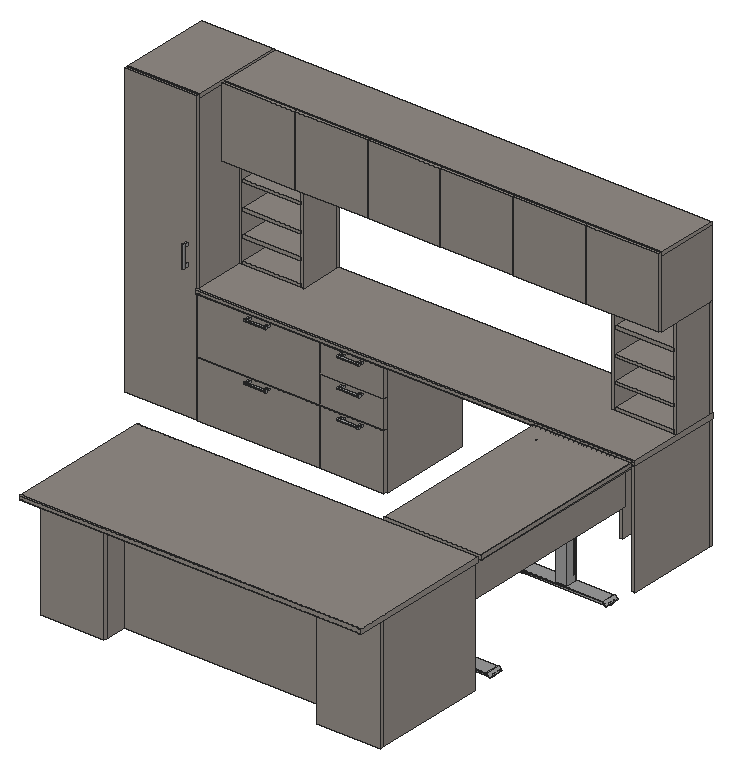
Revit family "JSI-Vision-Typical_Veneer-VST106-", category Furniture, Revit 2020 (continued)
Definition of nested family "JSI-Vision-Adjustable_Table_Height_Bridge-Standard_Range"
  Definition of nested family "Adj Base Bridge Desk"
    Dimensions and locks (in)
      Extrusion 10 sketch curve to Extrusion 10 sketch curve to Extrusion 10 sketch curve to Extrusion 10 sketch curve to Extrusion 10 sketch curve to Extrusion 10 sketch curve to Extrusion 10 sketch curve to Extrusion 10 sketch curve = 3/32" locked, 0.59852" locked, 0.09508" locked, 3.83863" locked, 0.09508" locked, 0.59852" locked, 3/32" locked
      Extrusion 10 to Extrusion 3 to plane 5 = 17.86615" locked, 4.88976" locked
      Extrusion 2 to Extrusion 3 to plane 3 "Center (Left/Right)" = 17.86615" locked, 4.88977" locked
      Revolve 11 sketch curve to Revolve 11 sketch curve to Revolve 11 sketch curve to plane 7 = 0.1964" locked, 0.63019" locked, 0.15765" locked
      Revolve 12 sketch curve to Revolve 12 sketch curve to Revolve 12 sketch curve = 0.1964" locked, 0.63019" locked
      Revolve 12 to plane 1 "Center (Front/Back)" to Revolve 11 = 10.27547" locked, 10.27559" locked
      Revolve 13 sketch curve to Revolve 13 sketch curve to Revolve 13 sketch curve to plane 8 = 0.1964" locked, 0.63019" locked, 0.15765" locked
      Revolve 14 sketch curve to Revolve 14 sketch curve to Revolve 14 sketch curve = 0.1964" locked, 0.63019" locked
      Revolve 14 to Revolve 13 = 20.55106"
      Revolve 13 to plane 1 "Center (Front/Back)" to Revolve 14 = 10.27559" locked, 10.27547" locked
      locked: Extrusion 15 sketch curve to Extrusion 15 sketch curve at 0.62992
      Extrusion 15 sketch curve to plane 1 "Center (Front/Back)" to Extrusion 15 sketch curve = 11.14173" locked, 11.14173" locked
      "W Top": plane 3 "Center (Left/Right)" to plane 5
      plane 3 "Center (Left/Right)" to plane 7 = 5.09647"
      plane 8 to plane 5 = 5.09647"
      Extrusion 7 sketch curve to Extrusion 7 sketch curve to plane 1 "Center (Front/Back)" to Extrusion 7 sketch curve to Extrusion 7 sketch curve = 0.09843" locked, 1.2505" locked, 1.26995" locked, 25/256" locked
      plane 3 "Center (Left/Right)" to Extrusion 7 sketch curve to Extrusion 7 sketch curve to Extrusion 7 sketch curve to Extrusion 7 sketch curve = 3.73819" locked, 25/256" locked, 2.52045" locked, 0.09843" locked
      Extrusion 16 sketch curve to Extrusion 16 sketch curve to plane 1 "Center (Front/Back)" to Extrusion 16 sketch curve to Extrusion 16 sketch curve = 0.09843" locked, 1.06349" locked, 1.08218" locked, 0.09843" locked
      plane 3 "Center (Left/Right)" to Extrusion 16 sketch curve to Extrusion 16 sketch curve to Extrusion 16 sketch curve to Extrusion 16 sketch curve = 3.92519" locked, 0.09843" locked, 2.14567" locked, 0.09843" locked
      Extrusion 16 sketch curve to Extrusion 16 sketch curve to Extrusion 16 sketch curve to Extrusion 16 sketch curve to plane 5 = 0.09843" locked, 2.14567" locked, 0.09843" locked, 3.92519" locked
      plane 1 "Center (Front/Back)" to Extrusion 16 = 1.16192"
      Extrusion 16 to Extrusion 16 to plane 6 = 23.38583" locked, 2.15356" locked
      Extrusion 6 to Extrusion 15 to plane 8 to Extrusion 15 to Extrusion 6 to plane 5 = 0.25591" locked, 1.55512" locked, 1.55512" locked, 0.25591" locked, 3.28544" locked
      Extrusion 16 sketch curve to Extrusion 16 sketch curve to plane 1 "Center (Front/Back)" to Extrusion 16 sketch curve to Extrusion 16 sketch curve = 0.09843" locked, 1.08218" locked, 1.04772" locked, 0.1142" locked
      aligned and locked: plane 2 to level
      aligned and locked: Extrusion 7 to Extrusion 4
      aligned and locked: Extrusion 3 sketch curve to Extrusion 3 sketch curve  (x2)
      aligned and locked: Extrusion 8 sketch curve to plane 6
      aligned and locked: plane 6 to Extrusion 8 sketch curve
      aligned and locked: Extrusion 8 sketch curve to Extrusion 8 sketch curve  (x2)
      aligned and locked: Extrusion 9 sketch curve to Extrusion 9 sketch curve
      aligned and locked: plane 7 to Revolve 11 sketch curve
      aligned and locked: plane 8 to Revolve 13 sketch curve
      aligned and locked: curve 1 to Extrusion 4
      aligned and locked: curve 2 to Extrusion 4
      aligned and locked: Extrusion 4 to curve 3
      aligned and locked: curve 4 to Extrusion 4
      aligned and locked: curve 5 to Extrusion 6
      aligned and locked: Extrusion 6 to curve 6
      aligned and locked: curve 7 to Extrusion 6
      aligned and locked: curve 8 to Extrusion 6
      aligned and locked: curve 9 to cut or joined group of Extrusion 8, Extrusion 9
      aligned and locked: curve 10 to cut or joined group of Extrusion 8, Extrusion 9
      aligned and locked: cut or joined group of Extrusion 8, Extrusion 9 to curve 11
      aligned and locked: curve 12 to cut or joined group of Extrusion 8, Extrusion 9
      aligned and locked: curve 13 to cut or joined group of Extrusion 8, Extrusion 9
      aligned and locked: curve 14 to cut or joined group of Extrusion 8, Extrusion 9
      aligned and locked: curve 15 to cut or joined group of Extrusion 8, Extrusion 9
      aligned and locked: curve 16 to cut or joined group of Extrusion 8, Extrusion 9
      aligned and locked: Extrusion 2 to curve 31
      aligned and locked: Extrusion 2 to curve 32
      aligned and locked: Extrusion 10 to curve 31
      aligned and locked: Extrusion 10 to curve 32
      aligned and locked: Extrusion 2 to curve 33
      aligned and locked: Extrusion 2 to curve 34
      aligned and locked: Extrusion 10 to curve 33
      aligned and locked: Extrusion 10 to curve 34
      aligned and locked: Extrusion 16 to Extrusion 1
    Automatic sketch dimensions
      Extrusion 3 sketch curve to Extrusion 3 sketch curve = 0.1181"  (x3)
      level to Extrusion 4 sketch curve = 1.1022"  (x2)
      Extrusion 4 sketch curve to Extrusion 4 sketch curve = 0.1607"  (x2)
      level to Extrusion 4 sketch curve = 0.99371"
      Extrusion 4 sketch curve to Extrusion 4 sketch curve = 0.07561"
      Extrusion 4 sketch curve to Extrusion 4 sketch curve = 0.08017"
      level to Extrusion 4 sketch curve = 0.99365"
      Extrusion 4 sketch curve to Extrusion 4 sketch curve = 0.09554"
      Extrusion 4 sketch curve to Extrusion 4 sketch curve = 0.01252"
      level to Extrusion 6 sketch curve = 0.4268"
      plane 1 "Center (Front/Back)" to Extrusion 6 sketch curve = 11.48879"
      level to Extrusion 6 sketch curve = 1.1022"  (x2)
      Extrusion 6 sketch curve to Extrusion 6 sketch curve = 0.16069"  (x2)
      level to Extrusion 6 sketch curve = 0.99372"
      Extrusion 6 sketch curve to Extrusion 6 sketch curve = 0.08017"
      level to Extrusion 6 sketch curve = 0.99365"
      Extrusion 6 sketch curve to Extrusion 6 sketch curve = 0.08035"
      level to Extrusion 15 sketch curve = 0.89789"
      level to Extrusion 15 sketch curve = 0.99365"
      Extrusion 15 sketch curve to Extrusion 15 sketch curve = 0.08035"
      Extrusion 15 sketch curve to Extrusion 15 sketch curve = 0.62321"
      Extrusion 15 sketch curve to Extrusion 15 sketch curve = 0.54294"
      Extrusion 15 sketch curve to Extrusion 15 sketch curve = 0.08017"
      Extrusion 15 sketch curve to Extrusion 15 sketch curve = 0.14516"  (x2)
      Extrusion 15 sketch curve to Extrusion 15 sketch curve = 0.12472"
      Extrusion 1 sketch curve to Extrusion 1 sketch curve = 0.5621"
      Extrusion 2 sketch curve to Extrusion 2 sketch curve = 0.0984"  (x4)
      Extrusion 2 sketch curve to plane 6 = 1.49606"  (x2)
      Extrusion 2 sketch curve to plane 6 = 0.21319"  (x2)
      level to Extrusion 5 sketch curve = 0.99371"
      Extrusion 5 sketch curve to Extrusion 5 sketch curve = 0.54294"
      Extrusion 5 sketch curve to Extrusion 5 sketch curve = 0.08017"
      Extrusion 5 sketch curve to Extrusion 5 sketch curve = 0.62321"
      level to Extrusion 5 sketch curve = 0.99365"
      Extrusion 5 sketch curve to Extrusion 5 sketch curve = 0.08035"
      Extrusion 5 sketch curve to Extrusion 5 sketch curve = 0.14516"  (x2)
      Extrusion 9 sketch curve to plane 6 = 0.86607"  (x2)
      Extrusion 9 sketch curve to Extrusion 9 sketch curve = 0.09543"
      Extrusion 9 sketch curve to plane 6 = 2.12599"  (x2)
      Extrusion 9 sketch curve to Extrusion 9 sketch curve = 0.2863"
      plane 1 "Center (Front/Back)" to Extrusion 10 sketch curve = 2.70667"
      Extrusion 10 sketch curve to Extrusion 10 sketch curve = 3/32"
      Extrusion 10 sketch curve to Extrusion 10 sketch curve = 0.0984"  (x2)
      Extrusion 10 sketch curve to Extrusion 10 sketch curve = 0.09389"
      Extrusion 10 sketch curve to plane 6 = 0.11811"  (x2)
      Extrusion 10 sketch curve to Extrusion 10 sketch curve = 1.18447"
      Extrusion 10 sketch curve to Extrusion 10 sketch curve = 1.1858"
      plane 7 to Revolve 11 sketch curve = 0"
      Revolve 11 sketch curve to level = 0"
      level to Revolve 11 sketch curve = 0.19657"
      Revolve 11 sketch curve to Revolve 11 sketch curve = 0.1964"
      Revolve 11 sketch curve to Revolve 11 sketch curve = 0.55192"
      Revolve 11 sketch curve to Revolve 11 sketch curve = 0.16385"
      Revolve 11 sketch curve to Revolve 11 sketch curve = 0.05111"
      plane 7 to Revolve 12 sketch curve = 0"  (x2)
      plane 7 to Revolve 12 sketch curve = 0.15765"
      Revolve 12 sketch curve to level = 0"
      level to Revolve 12 sketch curve = 0.19657"
      Revolve 12 sketch curve to Revolve 12 sketch curve = 0.1964"
      Revolve 12 sketch curve to Revolve 12 sketch curve = 0.55192"
      Revolve 12 sketch curve to Revolve 12 sketch curve = 0.16385"
      Revolve 12 sketch curve to Revolve 12 sketch curve = 0.05111"
      Revolve 13 sketch curve to level = 0"
      plane 8 to Revolve 13 sketch curve = 0"
      level to Revolve 13 sketch curve = 0.19657"
      Revolve 13 sketch curve to Revolve 13 sketch curve = 0.1964"
      Revolve 13 sketch curve to Revolve 13 sketch curve = 0.55192"
      Revolve 13 sketch curve to Revolve 13 sketch curve = 0.16385"
      Revolve 13 sketch curve to Revolve 13 sketch curve = 0.05111"
      Revolve 14 sketch curve to level = 0"
      plane 8 to Revolve 14 sketch curve = 0"  (x2)
      plane 8 to Revolve 14 sketch curve = 0.15765"
      level to Revolve 14 sketch curve = 0.19657"
      Revolve 14 sketch curve to Revolve 14 sketch curve = 0.1964"
      Revolve 14 sketch curve to Revolve 14 sketch curve = 0.55192"
      Revolve 14 sketch curve to Revolve 14 sketch curve = 0.16385"
      Revolve 14 sketch curve to Revolve 14 sketch curve = 0.05111"
      plane 7 to curve 3 = 1.81102"
      plane 1 "Center (Front/Back)" to curve 28 = 1.91932"
      plane 1 "Center (Front/Back)" to curve 20 = 1.91932"
      curve 30 to plane 8 = 1.91634"
      curve 28 to curve 26 = 0.78735"
      curve 22 to curve 20 = 0.78735"
      curve 18 to plane 1 "Center (Front/Back)" = 1.91932"
      curve 23 to plane 1 "Center (Front/Back)" = 1.91932"
      curve 23 to curve 23 = 0.78735"
      curve 18 to curve 17 = 0.78735"
      plane 1 "Center (Front/Back)" to curve 34 = 2.6279"
      plane 1 "Center (Front/Back)" to curve 33 = 2.03689"
      curve 22 to curve 20 = 0.78554"
      curve 23 to curve 32 = 0.1185"
      curve 31 to curve 17 = 0.07868"
      Extrusion 8 sketch curve to Extrusion 8 sketch curve = 0.00029"
      Extrusion 8 sketch curve to Extrusion 8 sketch curve = 0.00968"
      Extrusion 16 sketch curve to Extrusion 16 sketch curve = 0.09843"  (x2)
      Extrusion 7 sketch curve to Extrusion 7 sketch curve = 0.09807"
      Extrusion 7 sketch curve to Extrusion 7 sketch curve = 0.11305"
Definition of nested family "JSI-Vision-Storage_Tower_Transaction_Support_Cabinet"
  Parameters (values of type "VST2016ST, Storage Tower Insert Transaction Support Cabinet 16w x 24 3/4h")
    Verticall Partition Distance = if(Width > 47", ((Width - 3/4" - 3/4" - (# of Vertical Partition * 3/4")) / (# of Vertical Partition + 1) + 3/4"), 0")  # 0"
    Ver. Partition Start Distance = if(Width < 48", (Unit Centre - 3/8"), Verticall Partition Distance)  # 7 5/8"
    Unit Centre = Width / 2  # 8"
    Width = 16"
    URL = "www.jsifurniture.com"
    Type Comments = ""
    Tag = "Open"
    Shelve Finish = none
    Series = "Vision Casegoods"  # constant formula
    Overhead Height = 1/16"
    Model = "VST2016ST"
    Material = ""
    Manufacturer = "JSI"  # constant formula
    Keynote = "12500"
    JSI Enviromental Website = "http://www.svxfurniture.com/svx_sustainability_intro.php"
    Height = 24 3/4"
    Description = "Storage Tower Insert Transaction Support Cabinet 16w x 24 3/4h"
    Depth = 10 13/16"
    Default Elevation = 0"
    Chassis Finish = none
    Assembly Code = "E2020200"
    # of Vertical Partition = if(Width > 89", 5, (if(Width > 77", 4, (if(Width > 59", 3, (if(Width > 47", 2, 2)))))))  # 2
  Types (2): name | Model
    VST2016ST, Storage Tower Insert Transaction Support Cabinet 16w x 24 3/4h | "VST2016ST"
    VSV2016ST, Storage Tower Insert Transaction Support Cabinet 16w x 24 3/4h | "VSV2016ST"
  Reference planes (in)
    plane 1 "Center Front/Back": y = 0
    plane 2: z = 0
    plane 3 "Center Left/Right": x = 0
    plane 4: z = 29.1875
    plane 5: x = 16
    plane 6: y = -10.8125
    plane 7: x = 8
    plane 8: z = 53.9375
  Forms (in)
    Extrusion 1, solid, material <- "Chassis Finish"
      sketch origin (0, 0, 0) x (1, 0, 0) y (0, 1, 0)
        loop
          line (0, 0) -> (0, -0.75) -> (16, -0.75) -> (16, 0) -> (0, 0)
      from 29.1875 to 53.9375
    Extrusion 2, solid, material <- "Chassis Finish"
      sketch origin (0, 0, 0) x (1, 0, 0) y (0, 1, 0)
        loop
          line (0.75, -0.75) -> (0, -0.75) -> (0, -10.8125) -> (0.75, -10.8125) -> (0.75, -0.75)
        loop
          line (15.25, -0.75) -> (15.25, -10.8125) -> (16, -10.8125) -> (16, -0.75) -> (15.25, -0.75)
      from 29.1875 to 53.9375
    Extrusion 3, solid, material <- "Chassis Finish"
      sketch origin (130.61992, -1.6875, 48) x (1, 0, 0) y (0, 0, 1)
        loop
          line (-129.86992, 5.9375) -> (-129.86992, 5.1875) -> (-115.36992, 5.1875) -> (-115.36992, 5.9375) -> (-129.86992, 5.9375)
      from -0.9375 to 9.125
    Extrusion 4, solid, material <- "Chassis Finish"
      sketch origin (130.61992, -1.6875, 48) x (1, 0, 0) y (0, 0, 1)
        loop
          line (-129.86992, -18.8125) -> (-115.36992, -18.8125) -> (-115.36992, -18.0625) -> (-129.86992, -18.0625) -> (-129.86992, -18.8125)
      from -0.9375 to 9.125
    Extrusion 5, solid, material <- "Shelve Finish"
      sketch origin (1.5, -180, 96) x (0, 0, 1) y (0, -1, 0)
        loop
          line (-48.01662, -179.25) -> (-48.01662, -169.25) -> (-48.76662, -169.25) -> (-48.76662, -179.25) -> (-48.01662, -179.25)
        loop
          line (-54.31371, -179.25) -> (-54.31371, -169.25) -> (-55.06371, -169.25) -> (-55.06371, -179.25) -> (-54.31371, -179.25)
        loop
          line (-60.26117, -179.25) -> (-60.26117, -169.25) -> (-61.01117, -169.25) -> (-61.01117, -179.25) -> (-60.26117, -179.25)
      from -0.75 to 13.75
  Lines and regions (in)
    symbolic lines
      curve 1: line (0, 0, 0) -> (16, 0, 0)
      curve 2: line (0, -10.8125, 0) -> (0, 0, 0)
      curve 3: line (16, -10.8125, 0) -> (0, -10.8125, 0)
      curve 4: line (16, 0, 0) -> (16, -10.8125, 0)
      curve 5: line (0, -0.75, 0) -> (16, -0.75, 0)
      curve 6: line (0.75, -10.8125, 0) -> (0.75, -0.75, 0)
      curve 7: line (15.25, -10.8125, 0) -> (15.25, -0.75, 0)
  Dimensions and locks (in)
    equal spacing: plane 3 "Center Left/Right", plane 7, plane 5
    plane 3 "Center Left/Right" to plane 5 = 16"
    plane 1 "Center Front/Back" to plane 6 = 10 13/16"
    plane 8 to plane 4 = 24 3/4"
    aligned and locked: level to plane 2
    aligned and locked: Extrusion 1 to plane 4
    aligned and locked: plane 8 to Extrusion 1
    aligned and locked: Extrusion 2 to plane 4
    aligned and locked: plane 8 to Extrusion 2
    aligned and locked: Extrusion 3 to Extrusion 2
    aligned and locked: Extrusion 2 to Extrusion 4
    aligned and locked: Extrusion 3 to plane 6
    aligned and locked: Extrusion 4 to plane 6
    aligned and locked: Extrusion 5 to Extrusion 3
    aligned and locked: Extrusion 3 to Extrusion 5
    aligned and locked: plane 3 "Center Left/Right" to curve 2
    aligned and locked: curve 4 to plane 5
    aligned and locked: plane 6 to curve 3
    aligned and locked: plane 1 "Center Front/Back" to curve 1
    aligned and locked: curve 5 to Extrusion 1
    aligned and locked: curve 6 to Extrusion 2
    aligned and locked: curve 7 to Extrusion 2
  Automatic sketch dimensions
    Extrusion 1 sketch curve to plane 3 "Center Left/Right" = 0"
    Extrusion 1 sketch curve to plane 5 = 0"
    plane 1 "Center Front/Back" to Extrusion 1 sketch curve = 0"
    Extrusion 1 sketch curve to Extrusion 1 sketch curve = 3/4"
    Extrusion 2 sketch curve to plane 3 "Center Left/Right" = 0"
    Extrusion 2 sketch curve to plane 6 = 0"  (x2)
    Extrusion 2 sketch curve to plane 5 = 0"
    Extrusion 2 sketch curve to Extrusion 2 sketch curve = 3/4"
    Extrusion 2 sketch curve to plane 5 = 3/4"
    plane 1 "Center Front/Back" to Extrusion 2 sketch curve = 3/4"  (x2)
    Extrusion 3 sketch curve to plane 8 = 0"
    plane 3 "Center Left/Right" to Extrusion 3 sketch curve = 3/4"
    Extrusion 3 sketch curve to plane 5 = 3/4"
    Extrusion 3 sketch curve to Extrusion 3 sketch curve = 3/4"
    Extrusion 4 sketch curve to plane 4 = 0"
    plane 3 "Center Left/Right" to Extrusion 4 sketch curve = 3/4"
    Extrusion 4 sketch curve to plane 5 = 3/4"
    Extrusion 4 sketch curve to Extrusion 4 sketch curve = 3/4"
    plane 1 "Center Front/Back" to Extrusion 5 sketch curve = 3/4"  (x3)
    plane 4 to Extrusion 5 sketch curve = 5.80133"
    Extrusion 5 sketch curve to Extrusion 5 sketch curve = 3/4"  (x3)
    plane 6 to Extrusion 5 sketch curve = 1/16"  (x3)
    Extrusion 5 sketch curve to Extrusion 5 sketch curve = 5.19746"
    Extrusion 5 sketch curve to Extrusion 5 sketch curve = 5.54709"
  Nested families (in)
    nested 1: "Label 1-16 OH" at (78.36211, -36.09673, 0), type "OH DOORS"
  Definition of nested family "Label 1-16 OH"
    Parameters
      Width = 1"
      Model Name = "XX"
    Reference planes (in)
      plane 1: y = 0
      plane 2: x = 0
    Text (in)
      label "XX" at (0.00051, -0.12324, 0), shows "Model Name"
Definition of nested family "JSI-Vision-Adj_Bridge_Modesty"
  Parameters (values of type "Modesty for Adj Bridge - Type Catalog Family")
    Width = 40"
    URL = "www.jsifurniture.com"
    Type Comments = ""
    Series = "Vision Casegoods"  # constant formula
    JSI Enviromental Website = "http://www.jsifurniture.com/jsi_sustainability_intro.php"
    Panel = none
    Height-Panel = 9"
    Height = 30"
    Default Elevation = 0"
    Bracket = none
    Model = "Type Catalog"
    Material = ""
    Manufacturer = "JSI"  # constant formula
    Keynote = "12500"  # constant formula
    Description = "Type Catalog"
    Assembly Code = "E2020200"
  Reference planes (in)
    plane 1 "Center Front/Back": y = 0
    plane 2: z = 0
    plane 3 "Center Left/Right": x = 0
    plane 4: z = 30
    plane 5: y = -0.75
    plane 6: x = 20
    plane 7: x = 40
    plane 8: z = 28.8125
    plane 9: x = 8.375
    plane 10: x = 31.625
    plane 11: z = 19.8125
  Forms (in)
    Extrusion 1, solid, material <- "Panel"
      sketch origin (-12, -1, 0) x (1, 0, 0) y (0, 0, -1)
        loop
          line (12, -28.8125) -> (52, -28.8125) -> (52, -19.8125) -> (12, -19.8125) -> (12, -28.8125)
      from 0.25 to 1
    Extrusion 2, solid, material <- "Bracket", detail levels medium+fine
      sketch origin (-12, -1, 0) x (0, -1, 0) y (0, 0, -1)
        loop
          line (1, -28.8125) -> (1, -28.6875) -> (-0.125, -28.6875) -> (-0.125, -22.8125) -> (-0.25, -22.8125) -> (-0.25, -28.8125) -> (1, -28.8125)
      from 20 to 20.75
    Extrusion 3, solid, material <- "Bracket", detail levels medium+fine
      sketch origin (11.625, -1, 0) x (0, -1, 0) y (0, 0, -1)
        loop
          line (1, -28.8125) -> (1, -28.6875) -> (-0.125, -28.6875) -> (-0.125, -22.8125) -> (-0.25, -22.8125) -> (-0.25, -28.8125) -> (1, -28.8125)
      from 8 to 8.75
    Extrusion 4, solid, material <- "Bracket", detail levels medium+fine
      sketch origin (35.25, -1, 0) x (0, -1, 0) y (0, 0, -1)
        loop
          line (1, -28.8125) -> (1, -28.6875) -> (-0.125, -28.6875) -> (-0.125, -22.8125) -> (-0.25, -22.8125) -> (-0.25, -28.8125) -> (1, -28.8125)
      from -4 to -3.25
  Lines and regions (in)
    symbolic lines
      curve 1: line (0, 0, 0) -> (40, 0, 0)
      curve 2: line (0, -0.75, 0) -> (0, 0, 0)
      curve 3: line (40, -0.75, 0) -> (0, -0.75, 0)
      curve 4: line (40, 0, 0) -> (40, -0.75, 0)
  Dimensions and locks (in)
    locked: Extrusion 2 to Extrusion 2 at 0.75
    locked: Extrusion 3 to Extrusion 3 at 0.75
    locked: Extrusion 4 to Extrusion 4 at 0.75
    locked: plane 10 to plane 7 at 8.375
    equal spacing: Extrusion 2, plane 9, Extrusion 2
    equal spacing: Extrusion 4, plane 10, Extrusion 4
    "Height": plane 4 to plane 2
    "Height-Panel": plane 8 to plane 11
    locked: plane 4 to plane 8 at 1.1875
    equal spacing: plane 3 "Center Left/Right", plane 6, plane 7
    "Width": plane 3 "Center Left/Right" to plane 7
    equal spacing: Extrusion 3, plane 6, Extrusion 3
    locked: plane 3 "Center Left/Right" to plane 9 at 8.375
    aligned and locked: level to plane 2
    aligned and locked: Extrusion 1 to plane 5
    aligned and locked: Extrusion 1 to plane 7
    aligned and locked: plane 8 to Extrusion 1
    aligned and locked: plane 8 to Extrusion 2
    aligned and locked: plane 8 to Extrusion 3
    aligned and locked: plane 8 to Extrusion 4
    aligned and locked: curve 3 to Extrusion 1
    aligned and locked: plane 7 to curve 4
    aligned and locked: curve 1 to Extrusion 1
    aligned and locked: Extrusion 1 to plane 11
    aligned and locked: Extrusion 1 to plane 1 "Center Front/Back"
    aligned and locked: Extrusion 1 to plane 3 "Center Left/Right"
  Automatic sketch dimensions
    plane 7 to Extrusion 1 sketch curve = 0"
    Extrusion 1 sketch curve to plane 8 = 0"
    Extrusion 1 sketch curve to Extrusion 1 sketch curve = 9"
    Extrusion 2 sketch curve to plane 5 = 0"
    Extrusion 2 sketch curve to plane 8 = 0"
    Extrusion 2 sketch curve to Extrusion 2 sketch curve = 1/8"
    Extrusion 2 sketch curve to plane 8 = 1/8"
    Extrusion 2 sketch curve to Extrusion 2 sketch curve = 1 1/8"
    Extrusion 2 sketch curve to Extrusion 2 sketch curve = 5 7/8"
    Extrusion 3 sketch curve to plane 5 = 0"
    Extrusion 3 sketch curve to plane 8 = 0"
    Extrusion 3 sketch curve to Extrusion 3 sketch curve = 1/8"
    Extrusion 3 sketch curve to plane 8 = 1/8"
    Extrusion 3 sketch curve to Extrusion 3 sketch curve = 1 1/8"
    Extrusion 3 sketch curve to Extrusion 3 sketch curve = 5 7/8"
    Extrusion 4 sketch curve to plane 5 = 0"
    Extrusion 4 sketch curve to plane 8 = 0"
    Extrusion 4 sketch curve to Extrusion 4 sketch curve = 1/8"
    Extrusion 4 sketch curve to plane 8 = 1/8"
    Extrusion 4 sketch curve to Extrusion 4 sketch curve = 1 1/8"
    Extrusion 4 sketch curve to Extrusion 4 sketch curve = 5 7/8"
    plane 9 to curve 1 = 8 3/8"
    plane 9 to Extrusion 1 sketch curve = 8 3/8"
